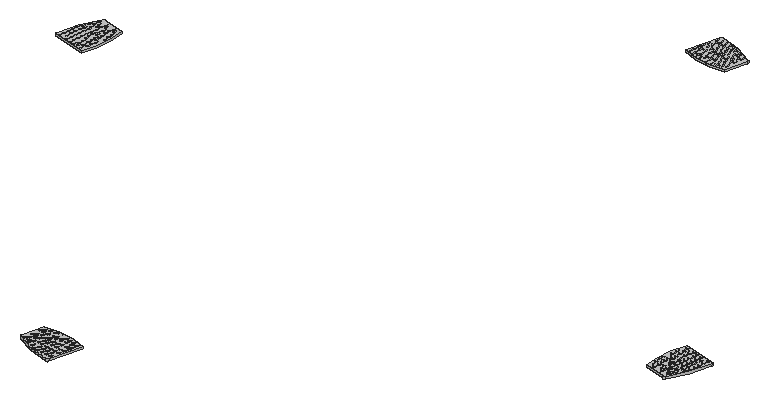
Revit family "PS-C83RWT z", category Generic Models, host Ceiling, Revit 2016
Family settings
  Host = Ceiling
  Part Type = Normal
  Can host rebar = No
  Round Connector Dimension = Use Diameter
  Work Plane-Based = No
  Always vertical = Yes
  Cut with Voids When Loaded = No
  Shared = No
  Room Calculation Point = No
Parameters (values of type "Default")
  Width = "11.06"
  Weight Product = "14.95"
  Weight Dimensional = "25.35"
  Speaker Data Link = "https://www.sonance.com/assets/media/files/downloads/PS_C83RWT_040406.gll"
  Sensitivity = "89"
  SPL Max = "110"
  Regulatory Compliance = "UL 1480, UL 2043, NFPA 90A, NFPA 70"
  Product Page URL = "https://www.sonance.com/professionalseries/psc83rwt"
  Product Documentation Link = "https://www.sonance.com/assets/media/files/downloads/Pro_Series_Spec_Sheet_No_Pricing_040802.pdf"
  Power Peak = "200"
  Power Handling = "200"
  Part Number = "45133"
  Model = "PS-C83RWT"
  Manufacturer URL = "https://www.sonance.com"
  Manufacturer = "Sonance"
  Low-Frequency Driver = "8” (203mm) Polypropylene Cone, Butyl Rubber Surround"
  Knockout = "one, side-mounted 0.75\""
  Input Connector = "Four pin Euroblock with loop output connections"
  Impedance = "8"
  High-Frequency Driver = "N/A"
  Height = "11.06"
  Grille = "Supplied with bezel-less white grille. Optional black grille, or square adapter with black or white grille"
  Frequency Range (-3dB) = "50Hz-150Hz"
  Frequency Range (-10dB) = "32Hz-300Hz"
  Directivity Factor (Q) = "N/A"
  Directivity (DI) = "N/A"
  Description = "8\" Round In-ceiling Woofer with 70V/100V transformer for commercial applications"
  Depth = "9.84"
  Coverage Vertical = "180"
  Coverage Horizontal = "180"
  70V Taps = "15, 30, 60, 120"
  100V Taps = "30, 60, 120"
Reference planes (in)
  plane 1 "Center (Front/Back)": y = 0
  plane 2 "Ceiling": z = 96
  plane 3 "Center (Left/Right)": x = 0
  plane 4 "a": z = 96.75591
Forms (in)
  Extrusion 1, solid, material "192-192-192-0-0.400000005960464_(1)"
    sketch origin (0.97325, 0.45677, 96.81743) x (-0.992793, 0.119839, 0) y (-0.119839, -0.992793, 0)
      loop
        line (-3.49586, 1.10038) -> (-3.77918, 1.1402)
        arc (-3.77918, 1.1402) -> (-3.79607, 1.13774) -> (-3.8065, 1.12423) r 0.02274
        arc (-3.8065, 1.12423) -> (-3.90086, 0.87131) -> (-3.95126, 0.6061) r 1.59618
        arc (-3.95126, 0.6061) -> (-3.94934, 0.58863) -> (-3.93554, 0.57775) r 0.02274
        line (-3.93554, 0.57775) -> (-3.49658, 0.51605)
        arc (-3.49658, 0.51605) -> (-3.45664, 0.80817) -> (-3.49586, 1.10038) r 1.09806
      loop
        line (-3.86102, 0.84031) -> (-3.88604, 0.87071) -> (-3.89986, 0.83385) -> (-3.86102, 0.84031)
      loop
        line (-3.86444, 0.77812) -> (-3.88946, 0.80852) -> (-3.90328, 0.77166) -> (-3.86444, 0.77812)
      loop
        line (-3.86431, 0.71788) -> (-3.88933, 0.74828) -> (-3.90314, 0.71142) -> (-3.86431, 0.71788)
      loop
        line (-3.86153, 0.65524) -> (-3.88654, 0.68563) -> (-3.90036, 0.64877) -> (-3.86153, 0.65524)
      loop
        line (-3.86495, 0.59304) -> (-3.88996, 0.62344) -> (-3.90378, 0.58658) -> (-3.86495, 0.59304)
      loop
        line (-3.79006, 0.87065) -> (-3.81508, 0.90105) -> (-3.8289, 0.86419) -> (-3.79006, 0.87065)
      loop
        line (-3.80409, 0.81666) -> (-3.82911, 0.84706) -> (-3.84293, 0.81019) -> (-3.80409, 0.81666)
      loop
        line (-3.80751, 0.75447) -> (-3.83253, 0.78487) -> (-3.84635, 0.748) -> (-3.80751, 0.75447)
      loop
        line (-3.80738, 0.69423) -> (-3.8324, 0.72463) -> (-3.84622, 0.68776) -> (-3.80738, 0.69423)
      loop
        line (-3.8046, 0.63158) -> (-3.82962, 0.66198) -> (-3.84343, 0.62511) -> (-3.8046, 0.63158)
      loop
        line (-3.73955, 0.88841) -> (-3.76457, 0.91881) -> (-3.77838, 0.88195) -> (-3.73955, 0.88841)
      loop
        line (-3.7496, 0.83508) -> (-3.77462, 0.86548) -> (-3.78843, 0.82862) -> (-3.7496, 0.83508)
      loop
        line (-3.75302, 0.77289) -> (-3.77804, 0.80329) -> (-3.79185, 0.76643) -> (-3.75302, 0.77289)
      loop
        line (-3.75289, 0.71265) -> (-3.7779, 0.74305) -> (-3.79172, 0.70619) -> (-3.75289, 0.71265)
      loop
        line (-3.7501, 0.65) -> (-3.77512, 0.6804) -> (-3.78894, 0.64354) -> (-3.7501, 0.65)
      loop
        line (-3.75352, 0.58781) -> (-3.77854, 0.61821) -> (-3.79236, 0.58135) -> (-3.75352, 0.58781)
      loop
        line (-3.68171, 0.87157) -> (-3.70673, 0.90197) -> (-3.72055, 0.86511) -> (-3.68171, 0.87157)
      loop
        line (-3.69013, 0.8097) -> (-3.71515, 0.8401) -> (-3.72896, 0.80323) -> (-3.69013, 0.8097)
      loop
        line (-3.68973, 0.74492) -> (-3.71475, 0.77532) -> (-3.72856, 0.73845) -> (-3.68973, 0.74492)
      loop
        line (-3.68451, 0.68123) -> (-3.70952, 0.71163) -> (-3.72334, 0.67476) -> (-3.68451, 0.68123)
      loop
        line (-3.69318, 0.62635) -> (-3.7182, 0.65675) -> (-3.73201, 0.61988) -> (-3.69318, 0.62635)
      loop
        line (-3.62903, 0.90294) -> (-3.65405, 0.93334) -> (-3.66787, 0.89647) -> (-3.62903, 0.90294)
      loop
        line (-3.63999, 0.84279) -> (-3.66501, 0.87319) -> (-3.67883, 0.83632) -> (-3.63999, 0.84279)
      loop
        line (-3.63736, 0.78951) -> (-3.66238, 0.81991) -> (-3.6762, 0.78304) -> (-3.63736, 0.78951)
      loop
        line (-3.6261, 0.73473) -> (-3.65112, 0.76512) -> (-3.66493, 0.72826) -> (-3.6261, 0.73473)
      loop
        line (-3.61132, 0.6788) -> (-3.63634, 0.7092) -> (-3.65015, 0.67234) -> (-3.61132, 0.6788)
      loop
        line (-3.60578, 0.61611) -> (-3.6308, 0.64651) -> (-3.64462, 0.60965) -> (-3.60578, 0.61611)
      loop
        line (-3.59524, 0.8671) -> (-3.62026, 0.8975) -> (-3.63407, 0.86064) -> (-3.59524, 0.8671)
      loop
        line (-3.56947, 0.81177) -> (-3.59449, 0.84217) -> (-3.60831, 0.80531) -> (-3.56947, 0.81177)
      loop
        line (-3.55753, 0.75031) -> (-3.58255, 0.78071) -> (-3.59637, 0.74384) -> (-3.55753, 0.75031)
      loop
        line (-3.5459, 0.68785) -> (-3.57092, 0.71825) -> (-3.58474, 0.68138) -> (-3.5459, 0.68785)
      loop
        line (-3.53948, 0.61586) -> (-3.56691, 0.64919) -> (-3.58206, 0.60877) -> (-3.53948, 0.61586)
      loop
        line (-3.54954, 1.06351) -> (-3.57456, 1.09391) -> (-3.58838, 1.05705) -> (-3.54954, 1.06351)
      loop
        line (-3.5605, 1.00337) -> (-3.58552, 1.03377) -> (-3.59934, 0.9969) -> (-3.5605, 1.00337)
      loop
        line (-3.55788, 0.95009) -> (-3.58289, 0.98048) -> (-3.59671, 0.94362) -> (-3.55788, 0.95009)
      loop
        line (-3.54661, 0.8953) -> (-3.57163, 0.9257) -> (-3.58544, 0.88884) -> (-3.54661, 0.8953)
      loop
        line (-3.53183, 0.83938) -> (-3.55685, 0.86978) -> (-3.57066, 0.83291) -> (-3.53183, 0.83938)
      loop
        line (-3.52629, 0.77669) -> (-3.55131, 0.80709) -> (-3.56513, 0.77022) -> (-3.52629, 0.77669)
      loop
        line (-3.51575, 1.02768) -> (-3.54077, 1.05808) -> (-3.55458, 1.02121) -> (-3.51575, 1.02768)
      loop
        line (-3.48998, 0.97235) -> (-3.515, 1.00275) -> (-3.52882, 0.96588) -> (-3.48998, 0.97235)
      loop
        line (-3.47804, 0.91089) -> (-3.50306, 0.94129) -> (-3.51688, 0.90442) -> (-3.47804, 0.91089)
      loop
        line (-3.46641, 0.84842) -> (-3.49143, 0.87882) -> (-3.50525, 0.84196) -> (-3.46641, 0.84842)
      loop
        line (-3.66945, 1.06351) -> (-3.69447, 1.09391) -> (-3.70829, 1.05705) -> (-3.66945, 1.06351)
      loop
        line (-3.68041, 1.00337) -> (-3.70543, 1.03377) -> (-3.71924, 0.9969) -> (-3.68041, 1.00337)
      loop
        line (-3.67163, 0.93932) -> (-3.69665, 0.96972) -> (-3.71047, 0.93285) -> (-3.67163, 0.93932)
      loop
        line (-3.63566, 1.02768) -> (-3.66067, 1.05808) -> (-3.67449, 1.02121) -> (-3.63566, 1.02768)
      loop
        line (-3.60989, 0.97235) -> (-3.63491, 1.00275) -> (-3.64873, 0.96588) -> (-3.60989, 0.97235)
      loop
        line (-3.7685, 1.06351) -> (-3.79352, 1.09391) -> (-3.80734, 1.05705) -> (-3.7685, 1.06351)
      loop
        line (-3.77946, 1.00337) -> (-3.80448, 1.03377) -> (-3.8183, 0.9969) -> (-3.77946, 1.00337)
      loop
        line (-3.763, 0.94547) -> (-3.78801, 0.97587) -> (-3.80183, 0.939) -> (-3.763, 0.94547)
      loop
        line (-3.73471, 1.02768) -> (-3.75973, 1.05808) -> (-3.77355, 1.02121) -> (-3.73471, 1.02768)
      loop
        line (-3.70895, 0.97235) -> (-3.73396, 1.00275) -> (-3.74778, 0.96588) -> (-3.70895, 0.97235)
      loop
        line (-3.48679, 0.74001) -> (-3.51181, 0.77041) -> (-3.52562, 0.73354) -> (-3.48679, 0.74001)
      loop
        line (-3.49775, 0.67986) -> (-3.52277, 0.71026) -> (-3.53658, 0.67339) -> (-3.49775, 0.67986)
      loop
        line (-3.49512, 0.62658) -> (-3.52014, 0.65698) -> (-3.53396, 0.62011) -> (-3.49512, 0.62658)
      loop
        line (-3.68476, 0.57161) -> (-3.70978, 0.60201) -> (-3.7236, 0.56514) -> (-3.68476, 0.57161)
      loop
        line (-3.62702, 0.56198) -> (-3.65204, 0.59238) -> (-3.66586, 0.55551) -> (-3.62702, 0.56198)
      loop
        line (-3.58025, 0.56977) -> (-3.60527, 0.60017) -> (-3.61909, 0.5633) -> (-3.58025, 0.56977)
      loop
        line (-3.52242, 0.5593) -> (-3.54744, 0.5897) -> (-3.56126, 0.55284) -> (-3.52242, 0.5593)
      loop
        line (-3.82985, 0.89057) -> (-3.85487, 0.92097) -> (-3.86869, 0.8841) -> (-3.82985, 0.89057)
      loop
        line (-3.81355, 0.96385) -> (-3.83857, 0.99425) -> (-3.85239, 0.95738) -> (-3.81355, 0.96385)
    from 0.63976 to 0.66455
  Extrusion 2, solid, material "192-192-192-0-0.400000005960464_(1)"
    sketch origin (-0.45617, 0.97353, 96.81743) x (-0.12045, -0.992719, 0) y (0.992719, -0.12045, 0)
      loop
        line (-3.49586, 1.10038) -> (-3.77918, 1.1402)
        arc (-3.77918, 1.1402) -> (-3.79607, 1.13774) -> (-3.8065, 1.12423) r 0.02274
        arc (-3.8065, 1.12423) -> (-3.90086, 0.87131) -> (-3.95126, 0.6061) r 1.59618
        arc (-3.95126, 0.6061) -> (-3.94934, 0.58863) -> (-3.93554, 0.57775) r 0.02274
        line (-3.93554, 0.57775) -> (-3.49658, 0.51605)
        arc (-3.49658, 0.51605) -> (-3.45664, 0.80817) -> (-3.49586, 1.10038) r 1.09806
      loop
        line (-3.86102, 0.84031) -> (-3.88604, 0.87071) -> (-3.89986, 0.83385) -> (-3.86102, 0.84031)
      loop
        line (-3.86444, 0.77812) -> (-3.88946, 0.80852) -> (-3.90328, 0.77166) -> (-3.86444, 0.77812)
      loop
        line (-3.86431, 0.71788) -> (-3.88933, 0.74828) -> (-3.90314, 0.71142) -> (-3.86431, 0.71788)
      loop
        line (-3.86153, 0.65524) -> (-3.88654, 0.68563) -> (-3.90036, 0.64877) -> (-3.86153, 0.65524)
      loop
        line (-3.86495, 0.59304) -> (-3.88996, 0.62344) -> (-3.90378, 0.58658) -> (-3.86495, 0.59304)
      loop
        line (-3.79006, 0.87065) -> (-3.81508, 0.90105) -> (-3.8289, 0.86419) -> (-3.79006, 0.87065)
      loop
        line (-3.80409, 0.81666) -> (-3.82911, 0.84706) -> (-3.84293, 0.81019) -> (-3.80409, 0.81666)
      loop
        line (-3.80751, 0.75447) -> (-3.83253, 0.78487) -> (-3.84635, 0.748) -> (-3.80751, 0.75447)
      loop
        line (-3.80738, 0.69423) -> (-3.8324, 0.72463) -> (-3.84622, 0.68776) -> (-3.80738, 0.69423)
      loop
        line (-3.8046, 0.63158) -> (-3.82962, 0.66198) -> (-3.84343, 0.62511) -> (-3.8046, 0.63158)
      loop
        line (-3.73955, 0.88841) -> (-3.76457, 0.91881) -> (-3.77838, 0.88195) -> (-3.73955, 0.88841)
      loop
        line (-3.7496, 0.83508) -> (-3.77462, 0.86548) -> (-3.78843, 0.82862) -> (-3.7496, 0.83508)
      loop
        line (-3.75302, 0.77289) -> (-3.77804, 0.80329) -> (-3.79185, 0.76643) -> (-3.75302, 0.77289)
      loop
        line (-3.75289, 0.71265) -> (-3.7779, 0.74305) -> (-3.79172, 0.70619) -> (-3.75289, 0.71265)
      loop
        line (-3.7501, 0.65) -> (-3.77512, 0.6804) -> (-3.78894, 0.64354) -> (-3.7501, 0.65)
      loop
        line (-3.75352, 0.58781) -> (-3.77854, 0.61821) -> (-3.79236, 0.58135) -> (-3.75352, 0.58781)
      loop
        line (-3.68171, 0.87157) -> (-3.70673, 0.90197) -> (-3.72055, 0.86511) -> (-3.68171, 0.87157)
      loop
        line (-3.69013, 0.8097) -> (-3.71515, 0.8401) -> (-3.72896, 0.80323) -> (-3.69013, 0.8097)
      loop
        line (-3.68973, 0.74492) -> (-3.71475, 0.77532) -> (-3.72856, 0.73845) -> (-3.68973, 0.74492)
      loop
        line (-3.68451, 0.68123) -> (-3.70952, 0.71163) -> (-3.72334, 0.67476) -> (-3.68451, 0.68123)
      loop
        line (-3.69318, 0.62635) -> (-3.7182, 0.65675) -> (-3.73201, 0.61988) -> (-3.69318, 0.62635)
      loop
        line (-3.62903, 0.90294) -> (-3.65405, 0.93334) -> (-3.66787, 0.89647) -> (-3.62903, 0.90294)
      loop
        line (-3.63999, 0.84279) -> (-3.66501, 0.87319) -> (-3.67883, 0.83632) -> (-3.63999, 0.84279)
      loop
        line (-3.63736, 0.78951) -> (-3.66238, 0.81991) -> (-3.6762, 0.78304) -> (-3.63736, 0.78951)
      loop
        line (-3.6261, 0.73473) -> (-3.65112, 0.76512) -> (-3.66493, 0.72826) -> (-3.6261, 0.73473)
      loop
        line (-3.61132, 0.6788) -> (-3.63634, 0.7092) -> (-3.65015, 0.67234) -> (-3.61132, 0.6788)
      loop
        line (-3.60578, 0.61611) -> (-3.6308, 0.64651) -> (-3.64462, 0.60965) -> (-3.60578, 0.61611)
      loop
        line (-3.59524, 0.8671) -> (-3.62026, 0.8975) -> (-3.63407, 0.86064) -> (-3.59524, 0.8671)
      loop
        line (-3.56947, 0.81177) -> (-3.59449, 0.84217) -> (-3.60831, 0.80531) -> (-3.56947, 0.81177)
      loop
        line (-3.55753, 0.75031) -> (-3.58255, 0.78071) -> (-3.59637, 0.74384) -> (-3.55753, 0.75031)
      loop
        line (-3.5459, 0.68785) -> (-3.57092, 0.71825) -> (-3.58474, 0.68138) -> (-3.5459, 0.68785)
      loop
        line (-3.53948, 0.61586) -> (-3.56691, 0.64919) -> (-3.58206, 0.60877) -> (-3.53948, 0.61586)
      loop
        line (-3.54954, 1.06351) -> (-3.57456, 1.09391) -> (-3.58838, 1.05705) -> (-3.54954, 1.06351)
      loop
        line (-3.5605, 1.00337) -> (-3.58552, 1.03377) -> (-3.59934, 0.9969) -> (-3.5605, 1.00337)
      loop
        line (-3.55788, 0.95009) -> (-3.58289, 0.98048) -> (-3.59671, 0.94362) -> (-3.55788, 0.95009)
      loop
        line (-3.54661, 0.8953) -> (-3.57163, 0.9257) -> (-3.58544, 0.88884) -> (-3.54661, 0.8953)
      loop
        line (-3.53183, 0.83938) -> (-3.55685, 0.86978) -> (-3.57066, 0.83291) -> (-3.53183, 0.83938)
      loop
        line (-3.52629, 0.77669) -> (-3.55131, 0.80709) -> (-3.56513, 0.77022) -> (-3.52629, 0.77669)
      loop
        line (-3.51575, 1.02768) -> (-3.54077, 1.05808) -> (-3.55458, 1.02121) -> (-3.51575, 1.02768)
      loop
        line (-3.48998, 0.97235) -> (-3.515, 1.00275) -> (-3.52882, 0.96588) -> (-3.48998, 0.97235)
      loop
        line (-3.47804, 0.91089) -> (-3.50306, 0.94129) -> (-3.51688, 0.90442) -> (-3.47804, 0.91089)
      loop
        line (-3.46641, 0.84842) -> (-3.49143, 0.87882) -> (-3.50525, 0.84196) -> (-3.46641, 0.84842)
      loop
        line (-3.66945, 1.06351) -> (-3.69447, 1.09391) -> (-3.70829, 1.05705) -> (-3.66945, 1.06351)
      loop
        line (-3.68041, 1.00337) -> (-3.70543, 1.03377) -> (-3.71924, 0.9969) -> (-3.68041, 1.00337)
      loop
        line (-3.67163, 0.93932) -> (-3.69665, 0.96972) -> (-3.71047, 0.93285) -> (-3.67163, 0.93932)
      loop
        line (-3.63566, 1.02768) -> (-3.66067, 1.05808) -> (-3.67449, 1.02121) -> (-3.63566, 1.02768)
      loop
        line (-3.60989, 0.97235) -> (-3.63491, 1.00275) -> (-3.64873, 0.96588) -> (-3.60989, 0.97235)
      loop
        line (-3.7685, 1.06351) -> (-3.79352, 1.09391) -> (-3.80734, 1.05705) -> (-3.7685, 1.06351)
      loop
        line (-3.77946, 1.00337) -> (-3.80448, 1.03377) -> (-3.8183, 0.9969) -> (-3.77946, 1.00337)
      loop
        line (-3.763, 0.94547) -> (-3.78801, 0.97587) -> (-3.80183, 0.939) -> (-3.763, 0.94547)
      loop
        line (-3.73471, 1.02768) -> (-3.75973, 1.05808) -> (-3.77355, 1.02121) -> (-3.73471, 1.02768)
      loop
        line (-3.70895, 0.97235) -> (-3.73396, 1.00275) -> (-3.74778, 0.96588) -> (-3.70895, 0.97235)
      loop
        line (-3.48679, 0.74001) -> (-3.51181, 0.77041) -> (-3.52562, 0.73354) -> (-3.48679, 0.74001)
      loop
        line (-3.49775, 0.67986) -> (-3.52277, 0.71026) -> (-3.53658, 0.67339) -> (-3.49775, 0.67986)
      loop
        line (-3.49512, 0.62658) -> (-3.52014, 0.65698) -> (-3.53396, 0.62011) -> (-3.49512, 0.62658)
      loop
        line (-3.68476, 0.57161) -> (-3.70978, 0.60201) -> (-3.7236, 0.56514) -> (-3.68476, 0.57161)
      loop
        line (-3.62702, 0.56198) -> (-3.65204, 0.59238) -> (-3.66586, 0.55551) -> (-3.62702, 0.56198)
      loop
        line (-3.58025, 0.56977) -> (-3.60527, 0.60017) -> (-3.61909, 0.5633) -> (-3.58025, 0.56977)
      loop
        line (-3.52242, 0.5593) -> (-3.54744, 0.5897) -> (-3.56126, 0.55284) -> (-3.52242, 0.5593)
      loop
        line (-3.82985, 0.89057) -> (-3.85487, 0.92097) -> (-3.86869, 0.8841) -> (-3.82985, 0.89057)
      loop
        line (-3.81355, 0.96385) -> (-3.83857, 0.99425) -> (-3.85239, 0.95738) -> (-3.81355, 0.96385)
    from 0.63976 to 0.66455
  Extrusion 3, solid, material "192-192-192-0-0.400000005960464_(1)"
    sketch origin (-0.97318, -0.45691, 96.81743) x (0.992811, -0.119691, 0) y (0.119691, 0.992811, 0)
      loop
        line (-3.49586, 1.10038) -> (-3.77918, 1.1402)
        arc (-3.77918, 1.1402) -> (-3.79607, 1.13774) -> (-3.8065, 1.12423) r 0.02274
        arc (-3.8065, 1.12423) -> (-3.90086, 0.87131) -> (-3.95126, 0.6061) r 1.59618
        arc (-3.95126, 0.6061) -> (-3.94934, 0.58863) -> (-3.93554, 0.57775) r 0.02274
        line (-3.93554, 0.57775) -> (-3.49658, 0.51605)
        arc (-3.49658, 0.51605) -> (-3.45664, 0.80817) -> (-3.49586, 1.10038) r 1.09806
      loop
        line (-3.86102, 0.84031) -> (-3.88604, 0.87071) -> (-3.89986, 0.83385) -> (-3.86102, 0.84031)
      loop
        line (-3.86444, 0.77812) -> (-3.88946, 0.80852) -> (-3.90328, 0.77166) -> (-3.86444, 0.77812)
      loop
        line (-3.86431, 0.71788) -> (-3.88933, 0.74828) -> (-3.90314, 0.71142) -> (-3.86431, 0.71788)
      loop
        line (-3.86153, 0.65524) -> (-3.88654, 0.68563) -> (-3.90036, 0.64877) -> (-3.86153, 0.65524)
      loop
        line (-3.86495, 0.59304) -> (-3.88996, 0.62344) -> (-3.90378, 0.58658) -> (-3.86495, 0.59304)
      loop
        line (-3.79006, 0.87065) -> (-3.81508, 0.90105) -> (-3.8289, 0.86419) -> (-3.79006, 0.87065)
      loop
        line (-3.80409, 0.81666) -> (-3.82911, 0.84706) -> (-3.84293, 0.81019) -> (-3.80409, 0.81666)
      loop
        line (-3.80751, 0.75447) -> (-3.83253, 0.78487) -> (-3.84635, 0.748) -> (-3.80751, 0.75447)
      loop
        line (-3.80738, 0.69423) -> (-3.8324, 0.72463) -> (-3.84622, 0.68776) -> (-3.80738, 0.69423)
      loop
        line (-3.8046, 0.63158) -> (-3.82962, 0.66198) -> (-3.84343, 0.62511) -> (-3.8046, 0.63158)
      loop
        line (-3.73955, 0.88841) -> (-3.76457, 0.91881) -> (-3.77838, 0.88195) -> (-3.73955, 0.88841)
      loop
        line (-3.7496, 0.83508) -> (-3.77462, 0.86548) -> (-3.78843, 0.82862) -> (-3.7496, 0.83508)
      loop
        line (-3.75302, 0.77289) -> (-3.77804, 0.80329) -> (-3.79185, 0.76643) -> (-3.75302, 0.77289)
      loop
        line (-3.75289, 0.71265) -> (-3.7779, 0.74305) -> (-3.79172, 0.70619) -> (-3.75289, 0.71265)
      loop
        line (-3.7501, 0.65) -> (-3.77512, 0.6804) -> (-3.78894, 0.64354) -> (-3.7501, 0.65)
      loop
        line (-3.75352, 0.58781) -> (-3.77854, 0.61821) -> (-3.79236, 0.58135) -> (-3.75352, 0.58781)
      loop
        line (-3.68171, 0.87157) -> (-3.70673, 0.90197) -> (-3.72055, 0.86511) -> (-3.68171, 0.87157)
      loop
        line (-3.69013, 0.8097) -> (-3.71515, 0.8401) -> (-3.72896, 0.80323) -> (-3.69013, 0.8097)
      loop
        line (-3.68973, 0.74492) -> (-3.71475, 0.77532) -> (-3.72856, 0.73845) -> (-3.68973, 0.74492)
      loop
        line (-3.68451, 0.68123) -> (-3.70952, 0.71163) -> (-3.72334, 0.67476) -> (-3.68451, 0.68123)
      loop
        line (-3.69318, 0.62635) -> (-3.7182, 0.65675) -> (-3.73201, 0.61988) -> (-3.69318, 0.62635)
      loop
        line (-3.62903, 0.90294) -> (-3.65405, 0.93334) -> (-3.66787, 0.89647) -> (-3.62903, 0.90294)
      loop
        line (-3.63999, 0.84279) -> (-3.66501, 0.87319) -> (-3.67883, 0.83632) -> (-3.63999, 0.84279)
      loop
        line (-3.63736, 0.78951) -> (-3.66238, 0.81991) -> (-3.6762, 0.78304) -> (-3.63736, 0.78951)
      loop
        line (-3.6261, 0.73473) -> (-3.65112, 0.76512) -> (-3.66493, 0.72826) -> (-3.6261, 0.73473)
      loop
        line (-3.61132, 0.6788) -> (-3.63634, 0.7092) -> (-3.65015, 0.67234) -> (-3.61132, 0.6788)
      loop
        line (-3.60578, 0.61611) -> (-3.6308, 0.64651) -> (-3.64462, 0.60965) -> (-3.60578, 0.61611)
      loop
        line (-3.59524, 0.8671) -> (-3.62026, 0.8975) -> (-3.63407, 0.86064) -> (-3.59524, 0.8671)
      loop
        line (-3.56947, 0.81177) -> (-3.59449, 0.84217) -> (-3.60831, 0.80531) -> (-3.56947, 0.81177)
      loop
        line (-3.55753, 0.75031) -> (-3.58255, 0.78071) -> (-3.59637, 0.74384) -> (-3.55753, 0.75031)
      loop
        line (-3.5459, 0.68785) -> (-3.57092, 0.71825) -> (-3.58474, 0.68138) -> (-3.5459, 0.68785)
      loop
        line (-3.53948, 0.61586) -> (-3.56691, 0.64919) -> (-3.58206, 0.60877) -> (-3.53948, 0.61586)
      loop
        line (-3.54954, 1.06351) -> (-3.57456, 1.09391) -> (-3.58838, 1.05705) -> (-3.54954, 1.06351)
      loop
        line (-3.5605, 1.00337) -> (-3.58552, 1.03377) -> (-3.59934, 0.9969) -> (-3.5605, 1.00337)
      loop
        line (-3.55788, 0.95009) -> (-3.58289, 0.98048) -> (-3.59671, 0.94362) -> (-3.55788, 0.95009)
      loop
        line (-3.54661, 0.8953) -> (-3.57163, 0.9257) -> (-3.58544, 0.88884) -> (-3.54661, 0.8953)
      loop
        line (-3.53183, 0.83938) -> (-3.55685, 0.86978) -> (-3.57066, 0.83291) -> (-3.53183, 0.83938)
      loop
        line (-3.52629, 0.77669) -> (-3.55131, 0.80709) -> (-3.56513, 0.77022) -> (-3.52629, 0.77669)
      loop
        line (-3.51575, 1.02768) -> (-3.54077, 1.05808) -> (-3.55458, 1.02121) -> (-3.51575, 1.02768)
      loop
        line (-3.48998, 0.97235) -> (-3.515, 1.00275) -> (-3.52882, 0.96588) -> (-3.48998, 0.97235)
      loop
        line (-3.47804, 0.91089) -> (-3.50306, 0.94129) -> (-3.51688, 0.90442) -> (-3.47804, 0.91089)
      loop
        line (-3.46641, 0.84842) -> (-3.49143, 0.87882) -> (-3.50525, 0.84196) -> (-3.46641, 0.84842)
      loop
        line (-3.66945, 1.06351) -> (-3.69447, 1.09391) -> (-3.70829, 1.05705) -> (-3.66945, 1.06351)
      loop
        line (-3.68041, 1.00337) -> (-3.70543, 1.03377) -> (-3.71924, 0.9969) -> (-3.68041, 1.00337)
      loop
        line (-3.67163, 0.93932) -> (-3.69665, 0.96972) -> (-3.71047, 0.93285) -> (-3.67163, 0.93932)
      loop
        line (-3.63566, 1.02768) -> (-3.66067, 1.05808) -> (-3.67449, 1.02121) -> (-3.63566, 1.02768)
      loop
        line (-3.60989, 0.97235) -> (-3.63491, 1.00275) -> (-3.64873, 0.96588) -> (-3.60989, 0.97235)
      loop
        line (-3.7685, 1.06351) -> (-3.79352, 1.09391) -> (-3.80734, 1.05705) -> (-3.7685, 1.06351)
      loop
        line (-3.77946, 1.00337) -> (-3.80448, 1.03377) -> (-3.8183, 0.9969) -> (-3.77946, 1.00337)
      loop
        line (-3.763, 0.94547) -> (-3.78801, 0.97587) -> (-3.80183, 0.939) -> (-3.763, 0.94547)
      loop
        line (-3.73471, 1.02768) -> (-3.75973, 1.05808) -> (-3.77355, 1.02121) -> (-3.73471, 1.02768)
      loop
        line (-3.70895, 0.97235) -> (-3.73396, 1.00275) -> (-3.74778, 0.96588) -> (-3.70895, 0.97235)
      loop
        line (-3.48679, 0.74001) -> (-3.51181, 0.77041) -> (-3.52562, 0.73354) -> (-3.48679, 0.74001)
      loop
        line (-3.49775, 0.67986) -> (-3.52277, 0.71026) -> (-3.53658, 0.67339) -> (-3.49775, 0.67986)
      loop
        line (-3.49512, 0.62658) -> (-3.52014, 0.65698) -> (-3.53396, 0.62011) -> (-3.49512, 0.62658)
      loop
        line (-3.68476, 0.57161) -> (-3.70978, 0.60201) -> (-3.7236, 0.56514) -> (-3.68476, 0.57161)
      loop
        line (-3.62702, 0.56198) -> (-3.65204, 0.59238) -> (-3.66586, 0.55551) -> (-3.62702, 0.56198)
      loop
        line (-3.58025, 0.56977) -> (-3.60527, 0.60017) -> (-3.61909, 0.5633) -> (-3.58025, 0.56977)
      loop
        line (-3.52242, 0.5593) -> (-3.54744, 0.5897) -> (-3.56126, 0.55284) -> (-3.52242, 0.5593)
      loop
        line (-3.82985, 0.89057) -> (-3.85487, 0.92097) -> (-3.86869, 0.8841) -> (-3.82985, 0.89057)
      loop
        line (-3.81355, 0.96385) -> (-3.83857, 0.99425) -> (-3.85239, 0.95738) -> (-3.81355, 0.96385)
    from 0.63976 to 0.66455
  Extrusion 4, solid, material "192-192-192-0-0.400000005960464_(1)"
    sketch origin (0.45681, -0.97323, 96.81743) x (0.119794, 0.992799, 0) y (-0.992799, 0.119794, 0)
      loop
        line (-3.49586, 1.10038) -> (-3.77918, 1.1402)
        arc (-3.77918, 1.1402) -> (-3.79607, 1.13774) -> (-3.8065, 1.12423) r 0.02274
        arc (-3.8065, 1.12423) -> (-3.90086, 0.87131) -> (-3.95126, 0.6061) r 1.59618
        arc (-3.95126, 0.6061) -> (-3.94934, 0.58863) -> (-3.93554, 0.57775) r 0.02274
        line (-3.93554, 0.57775) -> (-3.49658, 0.51605)
        arc (-3.49658, 0.51605) -> (-3.45664, 0.80817) -> (-3.49586, 1.10038) r 1.09806
      loop
        line (-3.86102, 0.84031) -> (-3.88604, 0.87071) -> (-3.89986, 0.83385) -> (-3.86102, 0.84031)
      loop
        line (-3.86444, 0.77812) -> (-3.88946, 0.80852) -> (-3.90328, 0.77166) -> (-3.86444, 0.77812)
      loop
        line (-3.86431, 0.71788) -> (-3.88933, 0.74828) -> (-3.90314, 0.71142) -> (-3.86431, 0.71788)
      loop
        line (-3.86153, 0.65524) -> (-3.88654, 0.68563) -> (-3.90036, 0.64877) -> (-3.86153, 0.65524)
      loop
        line (-3.86495, 0.59304) -> (-3.88996, 0.62344) -> (-3.90378, 0.58658) -> (-3.86495, 0.59304)
      loop
        line (-3.79006, 0.87065) -> (-3.81508, 0.90105) -> (-3.8289, 0.86419) -> (-3.79006, 0.87065)
      loop
        line (-3.80409, 0.81666) -> (-3.82911, 0.84706) -> (-3.84293, 0.81019) -> (-3.80409, 0.81666)
      loop
        line (-3.80751, 0.75447) -> (-3.83253, 0.78487) -> (-3.84635, 0.748) -> (-3.80751, 0.75447)
      loop
        line (-3.80738, 0.69423) -> (-3.8324, 0.72463) -> (-3.84622, 0.68776) -> (-3.80738, 0.69423)
      loop
        line (-3.8046, 0.63158) -> (-3.82962, 0.66198) -> (-3.84343, 0.62511) -> (-3.8046, 0.63158)
      loop
        line (-3.73955, 0.88841) -> (-3.76457, 0.91881) -> (-3.77838, 0.88195) -> (-3.73955, 0.88841)
      loop
        line (-3.7496, 0.83508) -> (-3.77462, 0.86548) -> (-3.78843, 0.82862) -> (-3.7496, 0.83508)
      loop
        line (-3.75302, 0.77289) -> (-3.77804, 0.80329) -> (-3.79185, 0.76643) -> (-3.75302, 0.77289)
      loop
        line (-3.75289, 0.71265) -> (-3.7779, 0.74305) -> (-3.79172, 0.70619) -> (-3.75289, 0.71265)
      loop
        line (-3.7501, 0.65) -> (-3.77512, 0.6804) -> (-3.78894, 0.64354) -> (-3.7501, 0.65)
      loop
        line (-3.75352, 0.58781) -> (-3.77854, 0.61821) -> (-3.79236, 0.58135) -> (-3.75352, 0.58781)
      loop
        line (-3.68171, 0.87157) -> (-3.70673, 0.90197) -> (-3.72055, 0.86511) -> (-3.68171, 0.87157)
      loop
        line (-3.69013, 0.8097) -> (-3.71515, 0.8401) -> (-3.72896, 0.80323) -> (-3.69013, 0.8097)
      loop
        line (-3.68973, 0.74492) -> (-3.71475, 0.77532) -> (-3.72856, 0.73845) -> (-3.68973, 0.74492)
      loop
        line (-3.68451, 0.68123) -> (-3.70952, 0.71163) -> (-3.72334, 0.67476) -> (-3.68451, 0.68123)
      loop
        line (-3.69318, 0.62635) -> (-3.7182, 0.65675) -> (-3.73201, 0.61988) -> (-3.69318, 0.62635)
      loop
        line (-3.62903, 0.90294) -> (-3.65405, 0.93334) -> (-3.66787, 0.89647) -> (-3.62903, 0.90294)
      loop
        line (-3.63999, 0.84279) -> (-3.66501, 0.87319) -> (-3.67883, 0.83632) -> (-3.63999, 0.84279)
      loop
        line (-3.63736, 0.78951) -> (-3.66238, 0.81991) -> (-3.6762, 0.78304) -> (-3.63736, 0.78951)
      loop
        line (-3.6261, 0.73473) -> (-3.65112, 0.76512) -> (-3.66493, 0.72826) -> (-3.6261, 0.73473)
      loop
        line (-3.61132, 0.6788) -> (-3.63634, 0.7092) -> (-3.65015, 0.67234) -> (-3.61132, 0.6788)
      loop
        line (-3.60578, 0.61611) -> (-3.6308, 0.64651) -> (-3.64462, 0.60965) -> (-3.60578, 0.61611)
      loop
        line (-3.59524, 0.8671) -> (-3.62026, 0.8975) -> (-3.63407, 0.86064) -> (-3.59524, 0.8671)
      loop
        line (-3.56947, 0.81177) -> (-3.59449, 0.84217) -> (-3.60831, 0.80531) -> (-3.56947, 0.81177)
      loop
        line (-3.55753, 0.75031) -> (-3.58255, 0.78071) -> (-3.59637, 0.74384) -> (-3.55753, 0.75031)
      loop
        line (-3.5459, 0.68785) -> (-3.57092, 0.71825) -> (-3.58474, 0.68138) -> (-3.5459, 0.68785)
      loop
        line (-3.53948, 0.61586) -> (-3.56691, 0.64919) -> (-3.58206, 0.60877) -> (-3.53948, 0.61586)
      loop
        line (-3.54954, 1.06351) -> (-3.57456, 1.09391) -> (-3.58838, 1.05705) -> (-3.54954, 1.06351)
      loop
        line (-3.5605, 1.00337) -> (-3.58552, 1.03377) -> (-3.59934, 0.9969) -> (-3.5605, 1.00337)
      loop
        line (-3.55788, 0.95009) -> (-3.58289, 0.98048) -> (-3.59671, 0.94362) -> (-3.55788, 0.95009)
      loop
        line (-3.54661, 0.8953) -> (-3.57163, 0.9257) -> (-3.58544, 0.88884) -> (-3.54661, 0.8953)
      loop
        line (-3.53183, 0.83938) -> (-3.55685, 0.86978) -> (-3.57066, 0.83291) -> (-3.53183, 0.83938)
      loop
        line (-3.52629, 0.77669) -> (-3.55131, 0.80709) -> (-3.56513, 0.77022) -> (-3.52629, 0.77669)
      loop
        line (-3.51575, 1.02768) -> (-3.54077, 1.05808) -> (-3.55458, 1.02121) -> (-3.51575, 1.02768)
      loop
        line (-3.48998, 0.97235) -> (-3.515, 1.00275) -> (-3.52882, 0.96588) -> (-3.48998, 0.97235)
      loop
        line (-3.47804, 0.91089) -> (-3.50306, 0.94129) -> (-3.51688, 0.90442) -> (-3.47804, 0.91089)
      loop
        line (-3.46641, 0.84842) -> (-3.49143, 0.87882) -> (-3.50525, 0.84196) -> (-3.46641, 0.84842)
      loop
        line (-3.66945, 1.06351) -> (-3.69447, 1.09391) -> (-3.70829, 1.05705) -> (-3.66945, 1.06351)
      loop
        line (-3.68041, 1.00337) -> (-3.70543, 1.03377) -> (-3.71924, 0.9969) -> (-3.68041, 1.00337)
      loop
        line (-3.67163, 0.93932) -> (-3.69665, 0.96972) -> (-3.71047, 0.93285) -> (-3.67163, 0.93932)
      loop
        line (-3.63566, 1.02768) -> (-3.66067, 1.05808) -> (-3.67449, 1.02121) -> (-3.63566, 1.02768)
      loop
        line (-3.60989, 0.97235) -> (-3.63491, 1.00275) -> (-3.64873, 0.96588) -> (-3.60989, 0.97235)
      loop
        line (-3.7685, 1.06351) -> (-3.79352, 1.09391) -> (-3.80734, 1.05705) -> (-3.7685, 1.06351)
      loop
        line (-3.77946, 1.00337) -> (-3.80448, 1.03377) -> (-3.8183, 0.9969) -> (-3.77946, 1.00337)
      loop
        line (-3.763, 0.94547) -> (-3.78801, 0.97587) -> (-3.80183, 0.939) -> (-3.763, 0.94547)
      loop
        line (-3.73471, 1.02768) -> (-3.75973, 1.05808) -> (-3.77355, 1.02121) -> (-3.73471, 1.02768)
      loop
        line (-3.70895, 0.97235) -> (-3.73396, 1.00275) -> (-3.74778, 0.96588) -> (-3.70895, 0.97235)
      loop
        line (-3.48679, 0.74001) -> (-3.51181, 0.77041) -> (-3.52562, 0.73354) -> (-3.48679, 0.74001)
      loop
        line (-3.49775, 0.67986) -> (-3.52277, 0.71026) -> (-3.53658, 0.67339) -> (-3.49775, 0.67986)
      loop
        line (-3.49512, 0.62658) -> (-3.52014, 0.65698) -> (-3.53396, 0.62011) -> (-3.49512, 0.62658)
      loop
        line (-3.68476, 0.57161) -> (-3.70978, 0.60201) -> (-3.7236, 0.56514) -> (-3.68476, 0.57161)
      loop
        line (-3.62702, 0.56198) -> (-3.65204, 0.59238) -> (-3.66586, 0.55551) -> (-3.62702, 0.56198)
      loop
        line (-3.58025, 0.56977) -> (-3.60527, 0.60017) -> (-3.61909, 0.5633) -> (-3.58025, 0.56977)
      loop
        line (-3.52242, 0.5593) -> (-3.54744, 0.5897) -> (-3.56126, 0.55284) -> (-3.52242, 0.5593)
      loop
        line (-3.82985, 0.89057) -> (-3.85487, 0.92097) -> (-3.86869, 0.8841) -> (-3.82985, 0.89057)
      loop
        line (-3.81355, 0.96385) -> (-3.83857, 0.99425) -> (-3.85239, 0.95738) -> (-3.81355, 0.96385)
    from 0.63976 to 0.66455
Lines and regions (in)
  Opening 1
    outline origin (0, 0, 96) x (1, 0, 0) y (0, 1, 0)
      loop
        circle (0, 0) r 5.50242
Dimensions and locks (in)
  equal spacing: host sketch curve, plane 3 "Center (Left/Right)", host sketch curve
  equal spacing: host sketch curve, plane 1 "Center (Front/Back)", host sketch curve
  host sketch curve to host sketch curve = 120.0"  (x2)
